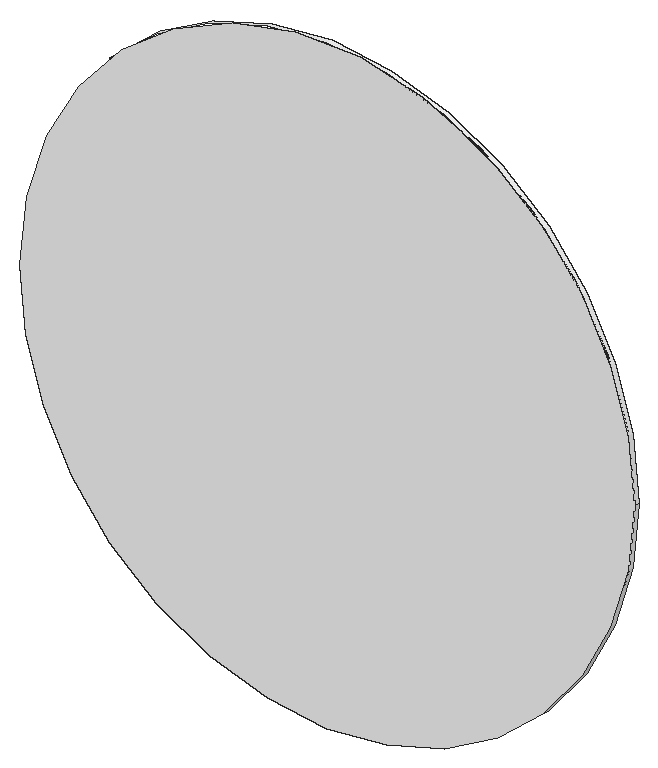
Revit family "Reece_Mirror_Posh_Domaine_Round Mirror", category Casework, Revit 2018
Family settings
  Work Plane-Based = Yes
  Always vertical = Yes
  Cut with Voids When Loaded = Yes
  Shared = Yes
  Room Calculation Point = Yes
Parameters (values of type "Posh Domaine 600mm x 600mm Round Polished Edge Mirror")
  URL = "https://www.reece.com.au/product/-2350902"
  Type Comments = "Mirror"
  Reece_Product_Web Page = "https://www.reece.com.au/product/-2350902"
  Reece_Product_Type = "Mirror"  # constant formula
  Reece_Product_Sub Brand = "Domaine"  # constant formula
  Reece_Product_Number = "2350902"
  Reece_Product_Mount = "Wall Mounted"
  Reece_Product_Finishes_Web Page = ""
  Reece_Product_Description = "Posh Domaine 600mm x 600mm Round Polished Edge Mirror"
  Reece_Product_Brand = "Posh"  # constant formula
  Reece_Overall_Width = 600 mm
  Reece_Overall_Height = Reece_Overall_Width  # 600 mm
  Reece_Mirror_Radius = Reece_Overall_Width / 2  # 300 mm
  Reece_Top_Hanger_Horizontal_Offset = 260 mm
  Reece_Material_Secondary = Reece_Plastic_White
  Reece_Material_Main = Reece_Glass_Mirror
  Reece_Height_From_Level [instance] = 1000 mm
  Reece_Detail_Shape = ""
  Reece_Detail_Installation = ""
  Reece_Detail_Disclaimer = "THIS FILE IS THE PROPERTY OF THE REECE GROUP. IT MAY NOT BE REPRODUCED, REVERSE-ENGINEERED OR MODIFIED. ANY REPUBLICATION, TRANSMISSION OR DISTRIBUTION FOR THE PURPOSE OF COMMERCIALLY EXPLOITING THE FILES IS PROHIBITED."  # constant formula
  Reece_Detail_Connector = ""
  Reece_Detail_Additional = ""
  Reece_Bottom_Hanger_Vertical_Offset = 130 mm
  Reece_Bottom_Hanger_Horizontal_Offset = 190 mm
  Model = "Domaine"
  Manufacturer = "Posh"
  Keynote = "Product #2350902, Reece_Mirror_Posh_Domaine_Round Mirror - Posh Domaine 600mm x 600mm Round Polished Edge Mirror"
  Finish = "Please refer to Colour, Finish and Material Variations Document in the Reece_Product_Finishes_Web Page parameter for more information."  # constant formula
  Disclaimer = "THIS FILE IS THE PROPERTY OF THE REECE GROUP. IT MAY NOT BE REPRODUCED, REVERSE-ENGINEERED OR MODIFIED. ANY REPUBLICATION, TRANSMISSION OR DISTRIBUTION FOR THE PURPOSE OF COMMERCIALLY EXPLOITING THE FILES IS PROHIBITED."  # constant formula
  Description = "Posh Domaine 600mm x 600mm Round Polished Edge Mirror"
  Default Elevation = 0 mm
Types (3, lengths in mm): name | URL | Reece_Product_Web Page | Reece_Product_Number | Reece_Product_Finishes_Web Page | Reece_Product_Description | Reece_Overall_Width | Reece_Overall_Height | Reece_Mirror_Radius | Reece_Top_Hanger_Horizontal_Offset | Reece_Bottom_Hanger_Vertical_Offset | Reece_Bottom_Hanger_Horizontal_Offset | Keynote | Description
  Posh Domaine 600mm x 600mm Round Polished Edge Mirror | "https://www.reece.com.au/product/-2350902" | "https://www.reece.com.au/product/-2350902" | "2350902" | "" | "Posh Domaine 600mm x 600mm Round Polished Edge Mirror" | 600 | 600 | 300 | 260 | 130 | 190 | "Product #2350902, Reece_Mirror_Posh_Domaine_Round Mirror - Posh Domaine 600mm x 600mm Round Polished Edge Mirror" | "Posh Domaine 600mm x 600mm Round Polished Edge Mirror"
  Posh Domaine 750mm x 750mm Round Mirror Polished Edge | "https://www.reece.com.au/product/-2351388" | "https://www.reece.com.au/product/-2351388" | "2351388" | "" | "Posh Domaine 750mm x 750mm Round Mirror Polished Edge" | 750 | 750 | 375 | 350 | 130 | 170 | "Product #2351388, Reece_Mirror_Posh_Domaine_Round Mirror - Posh Domaine 750mm x 750mm Round Mirror Polished Edge" | "Posh Domaine 750mm x 750mm Round Mirror Polished Edge"
  Posh Domaine 900mm x 900mm Round Polished Edge Mirror | "https://www.reece.com.au/product/-2350903" | "https://www.reece.com.au/product/-2350903" | "2350903" | "https://digitalassets.reecegroup.com.au/m/666bf121b01dc487/original/Posh-Domaine-Colour-Finish-and-Material-Variations.pdf" | "Posh Domaine 900mm x 900mm Round Polished Edge Mirror" | 900 | 900 | 450 | 370 | 240 | 240 | "Product #2350903, Reece_Mirror_Posh_Domaine_Round Mirror - Posh Domaine 900mm x 900mm Round Polished Edge Mirror" | "Posh Domaine 900mm x 900mm Round Polished Edge Mirror"
Reference planes
  plane 1 "Center (Front/Back)": y = 0
  plane 2 "Bottom Host Plane": z = 1000
  plane 3 "Center (Left/Right)": x = 0
  plane 4: x = -300
  plane 5: y = 100
  plane 6: y = -4.8
  plane 7: x = 300
  plane 8 "Top Host Plane": z = 1600
  plane 9: z = 1300
  plane 10: x = 130
  plane 11: x = -130
  plane 12: z = 1420
  plane 13 "Wall Mount Plane": y = -9.8
  plane 14: z = 1130
  plane 15: y = -2.158
  plane 16: z = -5
  plane 17: x = 110
  plane 18: x = -110
Forms (mm)
  Extrusion 1, solid, material "Reece_Glass_Mirror" <- "Reece_Material_Main"
    sketch origin (0, -9.8, 480) x (-1, 0, 0) y (0, 0, 1)
      loop
        circle (0, 820) r 300
    from 0 to 5
  Extrusion 2, solid, material "Reece_Plastic_White" <- "Reece_Material_Secondary"
    sketch origin (0, -9.8, 480) x (-1, 0, 0) y (0, 0, 1)
      loop
        line (180, 995) -> (80, 995)
        arc (80, 995) -> (76.464, 993.536) -> (75, 990) r 5
        line (75, 990) -> (75, 890)
        arc (75, 890) -> (76.464, 886.464) -> (80, 885) r 5
        line (80, 885) -> (180, 885)
        arc (180, 885) -> (183.536, 886.464) -> (185, 890) r 5
        line (185, 890) -> (185, 990)
        arc (185, 990) -> (183.536, 993.536) -> (180, 995) r 5
      loop
        line (-80, 995) -> (-180, 995)
        arc (-180, 995) -> (-183.536, 993.536) -> (-185, 990) r 5
        line (-185, 990) -> (-185, 890)
        arc (-185, 890) -> (-183.536, 886.464) -> (-180, 885) r 5
        line (-180, 885) -> (-80, 885)
        arc (-80, 885) -> (-76.464, 886.464) -> (-75, 890) r 5
        line (-75, 890) -> (-75, 990)
        arc (-75, 990) -> (-76.464, 993.536) -> (-80, 995) r 5
    from 5 to 7.642
  Extrusion 3, solid, material "Reece_Plastic_White" <- "Reece_Material_Secondary"
    sketch origin (0, -9.8, 480) x (-1, 0, 0) y (0, 0, 1)
      loop
        circle (-110, 650) r 15
      loop
        circle (110, 650) r 15
    from 5 to 9.8
  Extrusion 4, solid, material "Reece_Plastic_White" <- "Reece_Material_Secondary"
    sketch origin (0, -9.8, 480) x (-1, 0, 0) y (0, 0, 1)
      loop
        line (145, 960) -> (115, 960)
        arc (115, 960) -> (111.464, 958.536) -> (110, 955) r 5
        line (110, 955) -> (110, 925)
        arc (110, 925) -> (111.464, 921.464) -> (115, 920) r 5
        line (115, 920) -> (145, 920)
        arc (145, 920) -> (148.536, 921.464) -> (150, 925) r 5
        line (150, 925) -> (150, 955)
        arc (150, 955) -> (148.536, 958.536) -> (145, 960) r 5
      loop
        line (-115, 960) -> (-145, 960)
        arc (-145, 960) -> (-148.536, 958.536) -> (-150, 955) r 5
        line (-150, 955) -> (-150, 925)
        arc (-150, 925) -> (-148.536, 921.464) -> (-145, 920) r 5
        line (-145, 920) -> (-115, 920)
        arc (-115, 920) -> (-111.464, 921.464) -> (-110, 925) r 5
        line (-110, 925) -> (-110, 955)
        arc (-110, 955) -> (-111.464, 958.536) -> (-115, 960) r 5
    from 7.642 to 9.8
Lines and regions (mm)
  model lines, style "InvisibleLines"
    curve 1: line (0, 0, -5) -> (0, 0, 1000)
Text (mm)
  text "Reece ©" at (2750.254, -2396.412, 2870.147), in view "Reece Preview"
  text "Reece Copyright © 2018, Reece Ltd." at (-526.759, -443.435, 0), in view "Ref. Level"
Dimensions and locks
  "Reece_Overall_Width": plane 4 to plane 7
  equal spacing: plane 4, plane 3 "Center (Left/Right)", plane 7
  "Reece_Overall_Height": plane 8 "Top Host Plane" to plane 2 "Bottom Host Plane"
  equal spacing: plane 7, plane 3 "Center (Left/Right)", plane 4
  equal spacing: plane 10, plane 3 "Center (Left/Right)", plane 11  (x2)
  plane 6 to plane 1 "Center (Front/Back)" = 4.8 mm
  plane 13 "Wall Mount Plane" to plane 6 = 5 mm
  locked: Extrusion 2 sketch curve to Extrusion 2 sketch curve at 110  (x2)
  equal spacing: Extrusion 2 sketch curve, plane 11, Extrusion 2 sketch curve
  equal spacing: Extrusion 2 sketch curve, plane 12, Extrusion 2 sketch curve  (x2)
  Extrusion 2 sketch curve to Extrusion 2 sketch curve = 110 mm  (x2)
  equal spacing: Extrusion 2 sketch curve, plane 10, Extrusion 2 sketch curve
  Extrusion 4 sketch curve to Extrusion 4 sketch curve = 40 mm  (x4)
  equal spacing: Extrusion 4 sketch curve, plane 11, Extrusion 4 sketch curve
  equal spacing: Extrusion 4 sketch curve, plane 12, Extrusion 4 sketch curve
  equal spacing: Extrusion 4 sketch curve, plane 10, Extrusion 4 sketch curve
  locked: plane 8 "Top Host Plane" to Extrusion 1 sketch curve
  locked: Extrusion 1 sketch curve to plane 4
  locked: level to plane 16 at 5
  "Reece_Height_From_Level": plane 2 "Bottom Host Plane" to level
  equal spacing: plane 8 "Top Host Plane", plane 9, plane 2 "Bottom Host Plane"
  "Reece_Bottom_Hanger_Vertical_Offset": plane 2 "Bottom Host Plane" to plane 14
  "Reece_Top_Hanger_Horizontal_Offset": plane 10 to plane 11
  "Reece_Bottom_Hanger_Horizontal_Offset": plane 17 to plane 7
  "Reece_Bottom_Hanger_Horizontal_Offset": plane 4 to plane 18
  locked: plane 12 to plane 8 "Top Host Plane" at 180
  plane 13 "Wall Mount Plane" to plane 6 to plane 1 "Center (Front/Back)" = 5 mm, 4.8 mm
  "Reece_Mirror_Radius": radius of Extrusion 1 sketch curve
  aligned and locked: plane 6 to Extrusion 1
  aligned and locked: plane 13 "Wall Mount Plane" to Extrusion 1
  aligned and locked: plane 6 to Extrusion 2
  aligned and locked: Extrusion 3 to plane 1 "Center (Front/Back)"
  aligned and locked: plane 6 to Extrusion 3
  aligned and locked: Extrusion 2 to plane 15
  aligned and locked: plane 15 to Extrusion 4
  aligned and locked: Extrusion 4 to plane 1 "Center (Front/Back)"
  aligned and locked: curve 1 to plane 3 "Center (Left/Right)"
  aligned and locked: plane 16 to curve 1
  aligned and locked: plane 2 "Bottom Host Plane" to curve 1
Automatic sketch dimensions
  Extrusion 2 sketch curve to Extrusion 2 sketch curve = 5 mm  (x8)
  Extrusion 2 sketch curve to plane 12 = 55 mm
  Extrusion 4 sketch curve to Extrusion 4 sketch curve = 5 mm  (x8)
  Extrusion 4 sketch curve to plane 12 = 20 mm
  Extrusion 3 sketch curve to plane 14 = 0 mm  (x2)
  plane 17 to Extrusion 3 sketch curve = 0 mm
  plane 18 to Extrusion 3 sketch curve = 0 mm
  radius of Extrusion 3 sketch curve = 15 mm  (x2)
